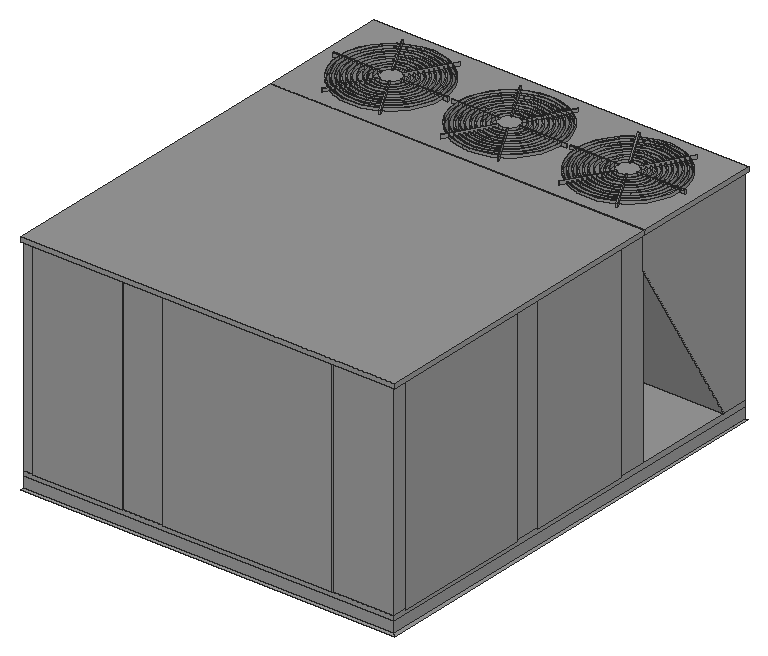
Revit family "RTU-3", category Mechanical Equipment, host Face, Revit 2025
Family settings
  Host = Face
  Round Connector Dimension = Use Diameter
  Classification = None
  Part Type = Normal
  Cut with Voids When Loaded = No
  Maintain Annotation Orientation = Yes
  Shared = No
  Room Calculation Point = No
Parameters (values of type "LCH 156 H4B L 1Y")
  URL = "https://tech.lennoxintl.com/C03e7o14l/VIu12Ch2uV/ehb_lch_cbox_2109.pdf"
  Model = "LCH 156 H4B L 1Y"
  Material = Aluminum 1100-O
  Manufacturer = "LENNOX"
  Grill Material = Steel, Paint Finish, Dark Gray
  Default Elevation = 48"
Reference planes (in)
  plane 1 "Center (Front/Back)": y = 0
  plane 2: z = 0
  plane 3 "Center (Left/Right)": x = 0
  plane 4: z = 53.5625
  plane 5: x = 44.5625
  plane 6: x = -44.5625
  plane 7: y = -52.75
  plane 8: y = 22.0625
  plane 9: z = 45.75
  plane 10: z = 54.625
  plane 11: y = 52.75
  plane 12: y = 46.375
  plane 13: x = -28.53125
  plane 14: y = 37.65625
  plane 15: x = 28.53125
  plane 16: x = 0
  plane 17: x = -12.5
  plane 18: x = 12.5
  plane 19: x = -30.90625
  plane 20: x = -31.90625
  plane 21: x = -32.90625
  plane 22: x = -33.90625
  plane 23: x = -34.90625
  plane 24: x = -35.90625
  plane 25: x = -36.90625
  plane 26: x = -37.90625
  plane 27: x = -38.90625
  plane 28: x = -39.90625
  plane 29: x = -40.90625
  plane 30: x = -42.34375
  plane 31: x = -41.03125
  plane 32: z = 55.25
  plane 33: x = -14.71875
  plane 34: x = -16.03125
  plane 35: through (-28.53125, 37.65625, 55) normal (-0.7071, -0.7071, 0)
  plane 36: through (-28.53125, 37.65625, 55) normal (-0.7071, 0.7071, 0)
  plane 37: through (-28.53125, 37.65625, 55) normal (0.7071, -0.7071, 0)
  plane 38: through (-28.53125, 37.65625, 55) normal (0.7071, 0.7071, 0)
  plane 39: x = -30.90625
  plane 40: x = -31.90625
  plane 41: x = -32.90625
  plane 42: x = -33.90625
  plane 43: x = -34.90625
  plane 44: x = -35.90625
  plane 45: x = -36.90625
  plane 46: x = -37.90625
  plane 47: x = -38.90625
  plane 48: x = -39.90625
  plane 49: x = -40.90625
  plane 50: x = -42.34375
  plane 51: x = -41.03125
  plane 52: x = -14.71875
  plane 53: x = -16.03125
  plane 54: x = -2.375
  plane 55: x = -3.375
  plane 56: x = -4.375
  plane 57: x = -5.375
  plane 58: x = -6.375
  plane 59: x = -7.375
  plane 60: x = -8.375
  plane 61: x = -9.375
  plane 62: x = -10.375
  plane 63: x = -11.375
  plane 64: x = -12.375
  plane 65: x = -13.8125
  plane 66: x = -12.5
  plane 67: x = 13.8125
  plane 68: x = 12.5
  plane 69: x = 26.15625
  plane 70: x = 25.15625
  plane 71: x = 24.15625
  plane 72: x = 23.15625
  plane 73: x = 22.15625
  plane 74: x = 21.15625
  plane 75: x = 20.15625
  plane 76: x = 19.15625
  plane 77: x = 18.15625
  plane 78: x = 17.15625
  plane 79: x = 16.15625
  plane 80: x = 14.71875
  plane 81: x = 16.03125
  plane 82: x = 42.34375
  plane 83: x = 41.03125
  plane 84: through (-34.15405, 50.35923, 110.75) normal (0.5, -0.866, 0)
  plane 85: through (-34.78125, 48.48157, 110.75) normal (-0.5, 0.866, 0)
  plane 86: through (-22.90845, 50.35923, 110.75) normal (0.5, 0.866, 0)
  plane 87: through (-22.28125, 48.48157, 110.75) normal (-0.5, -0.866, 0)
  plane 88: through (-34.15405, 24.95327, 110.75) normal (-0.5, -0.866, 0)
  plane 89: through (-34.78125, 26.83093, 110.75) normal (0.5, 0.866, 0)
  plane 90: through (-22.90845, 24.95327, 110.75) normal (-0.5, 0.866, 0)
  plane 91: through (-22.28125, 26.83093, 110.75) normal (0.5, -0.866, 0)
  plane 92: through (-34.15405, 50.35923, 110.75) normal (0.5, -0.866, 0)
  plane 93: through (-34.78125, 48.48157, 110.75) normal (-0.5, 0.866, 0)
  plane 94: through (-22.90845, 50.35923, 110.75) normal (0.5, 0.866, 0)
  plane 95: through (-22.28125, 48.48157, 110.75) normal (-0.5, -0.866, 0)
  plane 96: through (-34.15405, 24.95327, 110.75) normal (-0.5, -0.866, 0)
  plane 97: through (-34.78125, 26.83093, 110.75) normal (0.5, 0.866, 0)
  plane 98: through (-22.90845, 24.95327, 110.75) normal (-0.5, 0.866, 0)
  plane 99: through (-22.28125, 26.83093, 110.75) normal (0.5, -0.866, 0)
  plane 100: through (-5.6228, 50.35923, 110.75) normal (0.5, -0.866, 0)
  plane 101: through (-6.25, 48.48157, 110.75) normal (-0.5, 0.866, 0)
  plane 102: through (5.6228, 50.35923, 110.75) normal (0.5, 0.866, 0)
  plane 103: through (6.25, 48.48157, 110.75) normal (-0.5, -0.866, 0)
  plane 104: through (-5.6228, 24.95327, 110.75) normal (-0.5, -0.866, 0)
  plane 105: through (-6.25, 26.83093, 110.75) normal (0.5, 0.866, 0)
  plane 106: through (5.6228, 24.95327, 110.75) normal (-0.5, 0.866, 0)
  plane 107: through (6.25, 26.83093, 110.75) normal (0.5, -0.866, 0)
  plane 108: through (22.90845, 50.35923, 110.75) normal (0.5, -0.866, 0)
  plane 109: through (22.28125, 48.48157, 110.75) normal (-0.5, 0.866, 0)
  plane 110: through (34.15405, 50.35923, 110.75) normal (0.5, 0.866, 0)
  plane 111: through (34.78125, 48.48157, 110.75) normal (-0.5, -0.866, 0)
  plane 112: through (22.90845, 24.95327, 110.75) normal (-0.5, -0.866, 0)
  plane 113: through (22.28125, 26.83093, 110.75) normal (0.5, 0.866, 0)
  plane 114: through (34.15405, 24.95327, 110.75) normal (-0.5, 0.866, 0)
  plane 115: through (34.78125, 26.83093, 110.75) normal (0.5, -0.866, 0)
Forms (in)
  Extrusion 1, solid, material "Aluminum 1100-O" <- "Material"
    sketch origin (0, 0, 0) x (1, 0, 0) y (0, 1, 0)
      loop
        line (-44.5625, 22.0625) -> (-44.5625, -52.75) -> (44.5625, -52.75) -> (44.5625, 22.0625) -> (-44.5625, 22.0625)
    from 4.125 to 53.5625
  Extrusion 2, solid, material "Aluminum 1100-O" <- "Material"
    sketch origin (0, 0, -50.125) x (1, 0, 0) y (0, 1, 0)
      loop
        line (-44.5625, 52.75) -> (-44.5625, -52.75) -> (44.5625, -52.75) -> (44.5625, 52.75) -> (-44.5625, 52.75)
    from 53.0625 to 54.25
  Extrusion 3, solid, material "Aluminum 1100-O" <- "Material"
    sketch origin (0, 0, -51.3125) x (1, 0, 0) y (0, 1, 0)
      loop
        line (-44.5625, 52.75) -> (-44.5625, -52.75) -> (44.5625, -52.75) -> (44.5625, 52.75) -> (-44.5625, 52.75)
    from 51.6875 to 54.25
  Blend 4, solid, material "Aluminum 1100-O" <- "Material"
    base sketch origin (0, 0, 0) x (1, 0, 0) y (0, 1, 0)
      loop
        line (-45.0625, 53.25) -> (-45.0625, -53.25) -> (45.0625, -53.25) -> (45.0625, 53.25) -> (-45.0625, 53.25)
    top sketch origin (0, 0, 0) x (1, 0, 0) y (0, 1, 0)
      loop
        line (-44.5625, 52.75) -> (-44.5625, -52.75) -> (44.5625, -52.75) -> (44.5625, 52.75) -> (-44.5625, 52.75)
    from 0 to 0.375
  Extrusion 5, solid, material "Aluminum 1100-O" <- "Material"
    sketch origin (0, 0, 0) x (0, 1, 0) y (0, 0, 1)
      loop
        line (22.0625, 45.75) -> (46.375, 4.125) -> (52.75, 4.125) -> (52.75, 53.5625) -> (22.0625, 53.5625) -> (22.0625, 45.75)
    from -44.5625 to 44.5625
  Extrusion 6, solid, material "Aluminum 1100-O" <- "Material"
    sketch origin (0, 0, 0) x (1, 0, 0) y (0, 1, 0)
      loop
        line (-45.0625, 22.0625) -> (-45.0625, -53.25) -> (45.0625, -53.25) -> (45.0625, 22.0625) -> (-45.0625, 22.0625)
    from 53.5625 to 54.625
  Extrusion 7, solid, material "Aluminum 1100-O" <- "Material"
    sketch origin (0, 75.3125, 0) x (1, 0, 0) y (0, 1, 0)
      loop
        line (-45.0625, -22.0625) -> (-45.0625, -53.25) -> (45.0625, -53.25) -> (45.0625, -22.0625) -> (-45.0625, -22.0625)
    from 53.5625 to 54.625
  Extrusion 8, void
    sketch origin (-8.58719, -1.71744, 0) x (1, 0, 0) y (0, 1, 0)
      loop
        circle (8.58719, 39.37369) r 12.5
      loop
        circle (-19.94406, 39.37369) r 12.5
      loop
        circle (37.11844, 39.37369) r 12.5
    from 45.45857 to 54.625
  Extrusion 9, solid, material "Steel, Paint Finish, Dark Gray" <- "Grill Material"
    sketch origin (0, 0, 54.625) x (1, 0, 0) y (0, 1, 0)
      loop
        circle (-28.53125, 37.65625) r 2.375
      loop
        circle (-28.53125, 37.65625) r 3.375
      loop
        circle (-28.53125, 37.65625) r 3.5
      loop
        circle (-28.53125, 37.65625) r 4.375
      loop
        circle (-28.53125, 37.65625) r 5.25
      loop
        circle (-28.53125, 37.65625) r 4.5
      loop
        circle (-28.53125, 37.65625) r 5.375
      loop
        circle (-28.53125, 37.65625) r 6.375
      loop
        circle (-28.53125, 37.65625) r 7.375
      loop
        circle (-28.53125, 37.65625) r 9.375
      loop
        circle (-28.53125, 37.65625) r 10.375
      loop
        circle (-28.53125, 37.65625) r 11.375
      loop
        circle (-28.53125, 37.65625) r 12.375
      loop
        circle (-28.53125, 37.65625) r 12.5
      loop
        circle (-28.53125, 37.65625) r 7.5
      loop
        circle (-28.53125, 37.65625) r 9.5
      loop
        circle (-28.53125, 37.65625) r 10.5
      loop
        circle (-28.53125, 37.65625) r 11.5
      loop
        circle (-28.53125, 37.65625) r 8.375
      loop
        circle (-28.53125, 37.65625) r 8.5
      loop
        circle (-28.53125, 37.65625) r 6.5
    from 0 to 0.625
  Extrusion 10, solid, material "Steel, Paint Finish, Dark Gray" <- "Grill Material"
    sketch origin (0, 0, 55.75) x (1, 0, 0) y (0, 1, 0)
      loop
        line (-42.34375, 37.78125) -> (-42.34375, 37.53125) -> (-30.90296, 37.53125)
        arc (-30.90296, 37.53125) -> (-30.90543, 37.59373) -> (-30.90625, 37.65625) r 2.375
        arc (-30.90625, 37.65625) -> (-30.90543, 37.71877) -> (-30.90296, 37.78125) r 2.375
        line (-30.90296, 37.78125) -> (-42.34375, 37.78125)
    from -1.125 to -0.3427
  Extrusion 11, solid, material "Steel, Paint Finish, Dark Gray" <- "Grill Material"
    sketch origin (-57.0625, 0, 55.75) x (-1, 0, 0) y (0, -1, 0)
      loop
        line (-42.34375, -37.78125) -> (-30.90296, -37.78125)
        arc (-30.90296, -37.78125) -> (-30.90543, -37.71877) -> (-30.90625, -37.65625) r 2.375
        arc (-30.90625, -37.65625) -> (-30.90543, -37.59373) -> (-30.90296, -37.53125) r 2.375
        line (-30.90296, -37.53125) -> (-42.34375, -37.53125) -> (-42.34375, -37.78125)
    from -1.125 to -0.3427
  Extrusion 12, solid, material "Steel, Paint Finish, Dark Gray" <- "Grill Material", not visible
    sketch origin (0, 0, 54.625) x (1, 0, 0) y (0, 1, 0)
      loop
        circle (-28.53125, 37.65625) r 2.375
      loop
        circle (-28.53125, 37.65625) r 3.375
      loop
        circle (-28.53125, 37.65625) r 3.5
      loop
        circle (-28.53125, 37.65625) r 4.375
      loop
        circle (-28.53125, 37.65625) r 5.25
      loop
        circle (-28.53125, 37.65625) r 4.5
      loop
        circle (-28.53125, 37.65625) r 5.375
      loop
        circle (-28.53125, 37.65625) r 6.375
      loop
        circle (-28.53125, 37.65625) r 7.375
      loop
        circle (-28.53125, 37.65625) r 9.375
      loop
        circle (-28.53125, 37.65625) r 10.375
      loop
        circle (-28.53125, 37.65625) r 11.375
      loop
        circle (-28.53125, 37.65625) r 12.375
      loop
        circle (-28.53125, 37.65625) r 12.5
      loop
        circle (-28.53125, 37.65625) r 7.5
      loop
        circle (-28.53125, 37.65625) r 9.5
      loop
        circle (-28.53125, 37.65625) r 10.5
      loop
        circle (-28.53125, 37.65625) r 11.5
      loop
        circle (-28.53125, 37.65625) r 8.375
      loop
        circle (-28.53125, 37.65625) r 8.5
      loop
        circle (-28.53125, 37.65625) r 6.5
    from 0 to 0.625
  Extrusion 13, solid, material "Steel, Paint Finish, Dark Gray" <- "Grill Material", not visible
    sketch origin (0, 0, 55.75) x (1, 0, 0) y (0, 1, 0)
      loop
        line (-42.34375, 37.78125) -> (-42.34375, 37.53125) -> (-30.90296, 37.53125)
        arc (-30.90296, 37.53125) -> (-30.90543, 37.59373) -> (-30.90625, 37.65625) r 2.375
        arc (-30.90625, 37.65625) -> (-30.90543, 37.71877) -> (-30.90296, 37.78125) r 2.375
        line (-30.90296, 37.78125) -> (-42.34375, 37.78125)
    from -1.125 to -0.3427
  Extrusion 14, solid, material "Steel, Paint Finish, Dark Gray" <- "Grill Material", not visible
    sketch origin (-57.0625, 0, 55.75) x (-1, 0, 0) y (0, -1, 0)
      loop
        line (-42.34375, -37.78125) -> (-30.90296, -37.78125)
        arc (-30.90296, -37.78125) -> (-30.90543, -37.71877) -> (-30.90625, -37.65625) r 2.375
        arc (-30.90625, -37.65625) -> (-30.90543, -37.59373) -> (-30.90296, -37.53125) r 2.375
        line (-30.90296, -37.53125) -> (-42.34375, -37.53125) -> (-42.34375, -37.78125)
    from -1.125 to -0.3427
  Extrusion 15, solid, material "Steel, Paint Finish, Dark Gray" <- "Grill Material"
    sketch origin (28.53125, 0, 54.625) x (1, 0, 0) y (0, 1, 0)
      loop
        circle (-28.53125, 37.65625) r 2.375
      loop
        circle (-28.53125, 37.65625) r 3.375
      loop
        circle (-28.53125, 37.65625) r 3.5
      loop
        circle (-28.53125, 37.65625) r 4.375
      loop
        circle (-28.53125, 37.65625) r 5.25
      loop
        circle (-28.53125, 37.65625) r 4.5
      loop
        circle (-28.53125, 37.65625) r 5.375
      loop
        circle (-28.53125, 37.65625) r 6.375
      loop
        circle (-28.53125, 37.65625) r 7.375
      loop
        circle (-28.53125, 37.65625) r 9.375
      loop
        circle (-28.53125, 37.65625) r 10.375
      loop
        circle (-28.53125, 37.65625) r 11.375
      loop
        circle (-28.53125, 37.65625) r 12.375
      loop
        circle (-28.53125, 37.65625) r 12.5
      loop
        circle (-28.53125, 37.65625) r 7.5
      loop
        circle (-28.53125, 37.65625) r 9.5
      loop
        circle (-28.53125, 37.65625) r 10.5
      loop
        circle (-28.53125, 37.65625) r 11.5
      loop
        circle (-28.53125, 37.65625) r 8.375
      loop
        circle (-28.53125, 37.65625) r 8.5
      loop
        circle (-28.53125, 37.65625) r 6.5
    from 0 to 0.625
  Extrusion 16, solid, material "Steel, Paint Finish, Dark Gray" <- "Grill Material"
    sketch origin (28.53125, 0, 55.75) x (1, 0, 0) y (0, 1, 0)
      loop
        line (-42.34375, 37.78125) -> (-42.34375, 37.53125) -> (-30.90296, 37.53125)
        arc (-30.90296, 37.53125) -> (-30.90543, 37.59373) -> (-30.90625, 37.65625) r 2.375
        arc (-30.90625, 37.65625) -> (-30.90543, 37.71877) -> (-30.90296, 37.78125) r 2.375
        line (-30.90296, 37.78125) -> (-42.34375, 37.78125)
    from -1.125 to -0.3427
  Extrusion 17, solid, material "Steel, Paint Finish, Dark Gray" <- "Grill Material"
    sketch origin (-28.53125, 0, 55.75) x (-1, 0, 0) y (0, -1, 0)
      loop
        line (-42.34375, -37.78125) -> (-30.90296, -37.78125)
        arc (-30.90296, -37.78125) -> (-30.90543, -37.71877) -> (-30.90625, -37.65625) r 2.375
        arc (-30.90625, -37.65625) -> (-30.90543, -37.59373) -> (-30.90296, -37.53125) r 2.375
        line (-30.90296, -37.53125) -> (-42.34375, -37.53125) -> (-42.34375, -37.78125)
    from -1.125 to -0.3427
  Extrusion 18, solid, material "Steel, Paint Finish, Dark Gray" <- "Grill Material"
    sketch origin (57.0625, 0, 54.625) x (1, 0, 0) y (0, 1, 0)
      loop
        circle (-28.53125, 37.65625) r 2.375
      loop
        circle (-28.53125, 37.65625) r 3.375
      loop
        circle (-28.53125, 37.65625) r 3.5
      loop
        circle (-28.53125, 37.65625) r 4.375
      loop
        circle (-28.53125, 37.65625) r 5.25
      loop
        circle (-28.53125, 37.65625) r 4.5
      loop
        circle (-28.53125, 37.65625) r 5.375
      loop
        circle (-28.53125, 37.65625) r 6.375
      loop
        circle (-28.53125, 37.65625) r 7.375
      loop
        circle (-28.53125, 37.65625) r 9.375
      loop
        circle (-28.53125, 37.65625) r 10.375
      loop
        circle (-28.53125, 37.65625) r 11.375
      loop
        circle (-28.53125, 37.65625) r 12.375
      loop
        circle (-28.53125, 37.65625) r 12.5
      loop
        circle (-28.53125, 37.65625) r 7.5
      loop
        circle (-28.53125, 37.65625) r 9.5
      loop
        circle (-28.53125, 37.65625) r 10.5
      loop
        circle (-28.53125, 37.65625) r 11.5
      loop
        circle (-28.53125, 37.65625) r 8.375
      loop
        circle (-28.53125, 37.65625) r 8.5
      loop
        circle (-28.53125, 37.65625) r 6.5
    from 0 to 0.625
  Extrusion 19, solid, material "Steel, Paint Finish, Dark Gray" <- "Grill Material"
    sketch origin (57.0625, 0, 55.75) x (1, 0, 0) y (0, 1, 0)
      loop
        line (-42.34375, 37.78125) -> (-42.34375, 37.53125) -> (-30.90296, 37.53125)
        arc (-30.90296, 37.53125) -> (-30.90543, 37.59373) -> (-30.90625, 37.65625) r 2.375
        arc (-30.90625, 37.65625) -> (-30.90543, 37.71877) -> (-30.90296, 37.78125) r 2.375
        line (-30.90296, 37.78125) -> (-42.34375, 37.78125)
    from -1.125 to -0.3427
  Extrusion 20, solid, material "Steel, Paint Finish, Dark Gray" <- "Grill Material"
    sketch origin (0, 0, 55.75) x (-1, 0, 0) y (0, -1, 0)
      loop
        line (-42.34375, -37.78125) -> (-30.90296, -37.78125)
        arc (-30.90296, -37.78125) -> (-30.90543, -37.71877) -> (-30.90625, -37.65625) r 2.375
        arc (-30.90625, -37.65625) -> (-30.90543, -37.59373) -> (-30.90296, -37.53125) r 2.375
        line (-30.90296, -37.53125) -> (-42.34375, -37.53125) -> (-42.34375, -37.78125)
    from -1.125 to -0.3427
  Extrusion 21, void
    sketch origin (0, 0, 0) x (1, 0, 0) y (0, 1, 0)
      loop
        line (-40.8125, 19.625) -> (-40.8125, -40.875) -> (-19.44507, -40.875) -> (-19.44507, 19.625) -> (-40.8125, 19.625)
      loop
        line (-1.44507, -12.875) -> (-1.44507, -40.875) -> (18.55493, -40.875) -> (18.55493, -12.875) -> (-1.44507, -12.875)
      loop
        line (-1.44507, 19.625) -> (-1.44507, -8.375) -> (18.55493, -8.375) -> (18.55493, 19.625) -> (-1.44507, 19.625)
      loop
        line (33.0625, -44.25) -> (33.0625, -49.25) -> (41.0625, -49.25) -> (41.0625, -44.25) -> (33.0625, -44.25)
    from 0 to 12
  Extrusion 22, solid, material "Steel, Paint Finish, Dark Gray" <- "Grill Material"
    sketch origin (-46.87689, -5.88066, 55.75) x (0.5, -0.866025, 0) y (0.866025, 0.5, 0)
      loop
        line (-42.34375, 37.78125) -> (-42.34375, 37.53125) -> (-30.90296, 37.53125)
        arc (-30.90296, 37.53125) -> (-30.90543, 37.59373) -> (-30.90625, 37.65625) r 2.375
        arc (-30.90625, 37.65625) -> (-30.90543, 37.71877) -> (-30.90296, 37.78125) r 2.375
        line (-30.90296, 37.78125) -> (-42.34375, 37.78125)
    from -1.125 to -0.3427
  Extrusion 23, solid, material "Steel, Paint Finish, Dark Gray" <- "Grill Material"
    sketch origin (-10.18561, -5.88066, 55.75) x (-0.5, -0.866025, 0) y (0.866025, -0.5, 0)
      loop
        line (-42.34375, -37.78125) -> (-30.90296, -37.78125)
        arc (-30.90296, -37.78125) -> (-30.90543, -37.71877) -> (-30.90625, -37.65625) r 2.375
        arc (-30.90625, -37.65625) -> (-30.90543, -37.59373) -> (-30.90296, -37.53125) r 2.375
        line (-30.90296, -37.53125) -> (-42.34375, -37.53125) -> (-42.34375, -37.78125)
    from -1.125 to -0.3427
  Extrusion 24, solid, material "Steel, Paint Finish, Dark Gray" <- "Grill Material"
    sketch origin (-46.87689, 81.19316, 55.75) x (0.5, 0.866025, 0) y (-0.866025, 0.5, 0)
      loop
        line (-42.34375, -37.78125) -> (-30.90296, -37.78125)
        arc (-30.90296, -37.78125) -> (-30.90543, -37.71877) -> (-30.90625, -37.65625) r 2.375
        arc (-30.90625, -37.65625) -> (-30.90543, -37.59373) -> (-30.90296, -37.53125) r 2.375
        line (-30.90296, -37.53125) -> (-42.34375, -37.53125) -> (-42.34375, -37.78125)
    from -1.125 to -0.3427
  Extrusion 25, solid, material "Steel, Paint Finish, Dark Gray" <- "Grill Material"
    sketch origin (-10.18561, 81.19316, 55.75) x (-0.5, 0.866025, 0) y (-0.866025, -0.5, 0)
      loop
        line (-42.34375, 37.78125) -> (-42.34375, 37.53125) -> (-30.90296, 37.53125)
        arc (-30.90296, 37.53125) -> (-30.90543, 37.59373) -> (-30.90625, 37.65625) r 2.375
        arc (-30.90625, 37.65625) -> (-30.90543, 37.71877) -> (-30.90296, 37.78125) r 2.375
        line (-30.90296, 37.78125) -> (-42.34375, 37.78125)
    from -1.125 to -0.3427
  Extrusion 26, solid, material "Steel, Paint Finish, Dark Gray" <- "Grill Material", not visible
    sketch origin (-46.87689, -5.88066, 55.75) x (0.5, -0.866025, 0) y (0.866025, 0.5, 0)
      loop
        line (-42.34375, 37.78125) -> (-42.34375, 37.53125) -> (-30.90296, 37.53125)
        arc (-30.90296, 37.53125) -> (-30.90543, 37.59373) -> (-30.90625, 37.65625) r 2.375
        arc (-30.90625, 37.65625) -> (-30.90543, 37.71877) -> (-30.90296, 37.78125) r 2.375
        line (-30.90296, 37.78125) -> (-42.34375, 37.78125)
    from -1.125 to -0.3427
  Extrusion 27, solid, material "Steel, Paint Finish, Dark Gray" <- "Grill Material", not visible
    sketch origin (-10.18561, -5.88066, 55.75) x (-0.5, -0.866025, 0) y (0.866025, -0.5, 0)
      loop
        line (-42.34375, -37.78125) -> (-30.90296, -37.78125)
        arc (-30.90296, -37.78125) -> (-30.90543, -37.71877) -> (-30.90625, -37.65625) r 2.375
        arc (-30.90625, -37.65625) -> (-30.90543, -37.59373) -> (-30.90296, -37.53125) r 2.375
        line (-30.90296, -37.53125) -> (-42.34375, -37.53125) -> (-42.34375, -37.78125)
    from -1.125 to -0.3427
  Extrusion 28, solid, material "Steel, Paint Finish, Dark Gray" <- "Grill Material", not visible
    sketch origin (-46.87689, 81.19316, 55.75) x (0.5, 0.866025, 0) y (-0.866025, 0.5, 0)
      loop
        line (-42.34375, -37.78125) -> (-30.90296, -37.78125)
        arc (-30.90296, -37.78125) -> (-30.90543, -37.71877) -> (-30.90625, -37.65625) r 2.375
        arc (-30.90625, -37.65625) -> (-30.90543, -37.59373) -> (-30.90296, -37.53125) r 2.375
        line (-30.90296, -37.53125) -> (-42.34375, -37.53125) -> (-42.34375, -37.78125)
    from -1.125 to -0.3427
  Extrusion 29, solid, material "Steel, Paint Finish, Dark Gray" <- "Grill Material", not visible
    sketch origin (-10.18561, 81.19316, 55.75) x (-0.5, 0.866025, 0) y (-0.866025, -0.5, 0)
      loop
        line (-42.34375, 37.78125) -> (-42.34375, 37.53125) -> (-30.90296, 37.53125)
        arc (-30.90296, 37.53125) -> (-30.90543, 37.59373) -> (-30.90625, 37.65625) r 2.375
        arc (-30.90625, 37.65625) -> (-30.90543, 37.71877) -> (-30.90296, 37.78125) r 2.375
        line (-30.90296, 37.78125) -> (-42.34375, 37.78125)
    from -1.125 to -0.3427
  Extrusion 30, solid, material "Steel, Paint Finish, Dark Gray" <- "Grill Material"
    sketch origin (-18.34564, -5.88066, 55.75) x (0.5, -0.866025, 0) y (0.866025, 0.5, 0)
      loop
        line (-42.34375, 37.78125) -> (-42.34375, 37.53125) -> (-30.90296, 37.53125)
        arc (-30.90296, 37.53125) -> (-30.90543, 37.59373) -> (-30.90625, 37.65625) r 2.375
        arc (-30.90625, 37.65625) -> (-30.90543, 37.71877) -> (-30.90296, 37.78125) r 2.375
        line (-30.90296, 37.78125) -> (-42.34375, 37.78125)
    from -1.125 to -0.3427
  Extrusion 31, solid, material "Steel, Paint Finish, Dark Gray" <- "Grill Material"
    sketch origin (18.34564, -5.88066, 55.75) x (-0.5, -0.866025, 0) y (0.866025, -0.5, 0)
      loop
        line (-42.34375, -37.78125) -> (-30.90296, -37.78125)
        arc (-30.90296, -37.78125) -> (-30.90543, -37.71877) -> (-30.90625, -37.65625) r 2.375
        arc (-30.90625, -37.65625) -> (-30.90543, -37.59373) -> (-30.90296, -37.53125) r 2.375
        line (-30.90296, -37.53125) -> (-42.34375, -37.53125) -> (-42.34375, -37.78125)
    from -1.125 to -0.3427
  Extrusion 32, solid, material "Steel, Paint Finish, Dark Gray" <- "Grill Material"
    sketch origin (-18.34564, 81.19316, 55.75) x (0.5, 0.866025, 0) y (-0.866025, 0.5, 0)
      loop
        line (-42.34375, -37.78125) -> (-30.90296, -37.78125)
        arc (-30.90296, -37.78125) -> (-30.90543, -37.71877) -> (-30.90625, -37.65625) r 2.375
        arc (-30.90625, -37.65625) -> (-30.90543, -37.59373) -> (-30.90296, -37.53125) r 2.375
        line (-30.90296, -37.53125) -> (-42.34375, -37.53125) -> (-42.34375, -37.78125)
    from -1.125 to -0.3427
  Extrusion 33, solid, material "Steel, Paint Finish, Dark Gray" <- "Grill Material"
    sketch origin (18.34564, 81.19316, 55.75) x (-0.5, 0.866025, 0) y (-0.866025, -0.5, 0)
      loop
        line (-42.34375, 37.78125) -> (-42.34375, 37.53125) -> (-30.90296, 37.53125)
        arc (-30.90296, 37.53125) -> (-30.90543, 37.59373) -> (-30.90625, 37.65625) r 2.375
        arc (-30.90625, 37.65625) -> (-30.90543, 37.71877) -> (-30.90296, 37.78125) r 2.375
        line (-30.90296, 37.78125) -> (-42.34375, 37.78125)
    from -1.125 to -0.3427
  Extrusion 34, solid, material "Steel, Paint Finish, Dark Gray" <- "Grill Material"
    sketch origin (10.18561, -5.88066, 55.75) x (0.5, -0.866025, 0) y (0.866025, 0.5, 0)
      loop
        line (-42.34375, 37.78125) -> (-42.34375, 37.53125) -> (-30.90296, 37.53125)
        arc (-30.90296, 37.53125) -> (-30.90543, 37.59373) -> (-30.90625, 37.65625) r 2.375
        arc (-30.90625, 37.65625) -> (-30.90543, 37.71877) -> (-30.90296, 37.78125) r 2.375
        line (-30.90296, 37.78125) -> (-42.34375, 37.78125)
    from -1.125 to -0.3427
  Extrusion 35, solid, material "Steel, Paint Finish, Dark Gray" <- "Grill Material"
    sketch origin (46.87689, -5.88066, 55.75) x (-0.5, -0.866025, 0) y (0.866025, -0.5, 0)
      loop
        line (-42.34375, -37.78125) -> (-30.90296, -37.78125)
        arc (-30.90296, -37.78125) -> (-30.90543, -37.71877) -> (-30.90625, -37.65625) r 2.375
        arc (-30.90625, -37.65625) -> (-30.90543, -37.59373) -> (-30.90296, -37.53125) r 2.375
        line (-30.90296, -37.53125) -> (-42.34375, -37.53125) -> (-42.34375, -37.78125)
    from -1.125 to -0.3427
  Extrusion 36, solid, material "Steel, Paint Finish, Dark Gray" <- "Grill Material"
    sketch origin (10.18561, 81.19316, 55.75) x (0.5, 0.866025, 0) y (-0.866025, 0.5, 0)
      loop
        line (-42.34375, -37.78125) -> (-30.90296, -37.78125)
        arc (-30.90296, -37.78125) -> (-30.90543, -37.71877) -> (-30.90625, -37.65625) r 2.375
        arc (-30.90625, -37.65625) -> (-30.90543, -37.59373) -> (-30.90296, -37.53125) r 2.375
        line (-30.90296, -37.53125) -> (-42.34375, -37.53125) -> (-42.34375, -37.78125)
    from -1.125 to -0.3427
  Extrusion 37, solid, material "Steel, Paint Finish, Dark Gray" <- "Grill Material"
    sketch origin (46.87689, 81.19316, 55.75) x (-0.5, 0.866025, 0) y (-0.866025, -0.5, 0)
      loop
        line (-42.34375, 37.78125) -> (-42.34375, 37.53125) -> (-30.90296, 37.53125)
        arc (-30.90296, 37.53125) -> (-30.90543, 37.59373) -> (-30.90625, 37.65625) r 2.375
        arc (-30.90625, 37.65625) -> (-30.90543, 37.71877) -> (-30.90296, 37.78125) r 2.375
        line (-30.90296, 37.78125) -> (-42.34375, 37.78125)
    from -1.125 to -0.3427
Cuts and joins
  Extrusion 8, Extrusion 21 cuts Extrusion 2
  Extrusion 8, Extrusion 21 cuts Extrusion 3
  Extrusion 8, Extrusion 21 cuts Blend 4
  Extrusion 8 cuts Extrusion 5
  Extrusion 8 cuts Extrusion 7
  Extrusion 21 cuts Extrusion 1
Dimensions and locks (in)
  equal spacing: Extrusion 1 sketch curve, plane 3 "Center (Left/Right)", Extrusion 1 sketch curve
  plane 3 "Center (Left/Right)" to Extrusion 1 sketch curve = 44 9/16"
  Extrusion 1 sketch curve to Extrusion 1 sketch curve = 89 1/8"
  plane 1 "Center (Front/Back)" to Extrusion 1 sketch curve = 52 3/4"
  Extrusion 1 sketch curve to Extrusion 1 sketch curve = 74 13/16"
  plane 4 to plane 2 = 53 9/16"  (x2)
  Extrusion 1 to nested 1 = 3 1/8"  (x2)
  plane 4 to nested 1 = 0"
  nested 1 to nested 2 = 6 3/8"
  plane 2 to plane 4 = 53 9/16"
  Extrusion 2 sketch curve to Extrusion 2 sketch curve = 89 1/8"  (x2)
  Extrusion 2 sketch curve to Extrusion 2 sketch curve = 105 1/2"  (x2)
  Extrusion 3 sketch curve to Extrusion 3 sketch curve = 89 1/8"  (x2)
  Extrusion 3 sketch curve to Extrusion 3 sketch curve = 105 1/2"  (x2)
  plane 6 to Extrusion 1 = 0"
  nested 1 to nested 1 = 33 1/2"
  equal spacing: cut or joined group of Extrusion 7, Extrusion 8, plane 14, cut or joined group of Extrusion 7, Extrusion 8
  equal spacing: plane 6, plane 13, plane 17
  equal spacing: plane 18, plane 15, plane 5
  Extrusion 6 to Extrusion 21 sketch curve = 4 1/4"
  Extrusion 21 sketch curve to Extrusion 6 = 12 3/8"
  Extrusion 21 sketch curve to Extrusion 21 sketch curve = 60 1/2"
  aligned and locked: host face to plane 2
  aligned and locked: host face to level
  aligned and locked: plane 4 to Extrusion 1
  aligned and locked: plane 4 to Extrusion 5
  aligned and locked: Extrusion 6 to plane 4
  aligned and locked: plane 10 to Extrusion 6
Automatic sketch dimensions
  Extrusion 9 sketch curve to Extrusion 9 sketch curve = 0"  (x460)
  Extrusion 10 sketch curve to Extrusion 10 sketch curve = 0"  (x4)
  Extrusion 10 sketch curve to plane 30 = 0"
  Extrusion 11 sketch curve to Extrusion 11 sketch curve = 0"  (x4)
  Extrusion 11 sketch curve to plane 33 = 0"
  Extrusion 9 sketch curve to plane 19 = 2 3/8"
  Extrusion 10 sketch curve to plane 31 = 10.12829"
  Extrusion 10 sketch curve to Extrusion 10 sketch curve = 2.37171"
  Extrusion 10 sketch curve to Extrusion 10 sketch curve = 1/8"
  Extrusion 11 sketch curve to plane 34 = 10.12829"
  Extrusion 11 sketch curve to Extrusion 11 sketch curve = 2.37171"
  Extrusion 11 sketch curve to Extrusion 11 sketch curve = 1/8"
  Extrusion 12 sketch curve to Extrusion 12 sketch curve = 0"  (x460)
  Extrusion 13 sketch curve to Extrusion 13 sketch curve = 0"  (x4)
  Extrusion 13 sketch curve to plane 50 = 0"
  Extrusion 14 sketch curve to Extrusion 14 sketch curve = 0"  (x4)
  Extrusion 14 sketch curve to plane 52 = 0"
  Extrusion 12 sketch curve to plane 39 = 2 3/8"
  Extrusion 13 sketch curve to plane 51 = 10.12829"
  Extrusion 13 sketch curve to Extrusion 13 sketch curve = 2.37171"
  Extrusion 13 sketch curve to Extrusion 13 sketch curve = 1/8"
  Extrusion 14 sketch curve to plane 53 = 10.12829"
  Extrusion 14 sketch curve to Extrusion 14 sketch curve = 2.37171"
  Extrusion 14 sketch curve to Extrusion 14 sketch curve = 1/8"
  Extrusion 15 sketch curve to Extrusion 15 sketch curve = 0"  (x460)
  Extrusion 16 sketch curve to Extrusion 16 sketch curve = 0"  (x4)
  Extrusion 16 sketch curve to plane 65 = 0"
  Extrusion 17 sketch curve to Extrusion 17 sketch curve = 0"  (x4)
  Extrusion 17 sketch curve to plane 67 = 0"
  Extrusion 15 sketch curve to plane 54 = 2 3/8"
  Extrusion 16 sketch curve to plane 66 = 10.12829"
  Extrusion 16 sketch curve to Extrusion 16 sketch curve = 2.37171"
  Extrusion 16 sketch curve to Extrusion 16 sketch curve = 1/8"
  Extrusion 17 sketch curve to plane 68 = 10.12829"
  Extrusion 17 sketch curve to Extrusion 17 sketch curve = 2.37171"
  Extrusion 17 sketch curve to Extrusion 17 sketch curve = 1/8"
  host sketch curve to host sketch curve = 306.31449"
  host sketch curve to host sketch curve = 326.2252"
  Extrusion 2 sketch curve to plane 6 = 0"
  plane 7 to Extrusion 2 sketch curve = 0"
  Extrusion 3 sketch curve to plane 6 = 0"
  plane 7 to Extrusion 3 sketch curve = 0"
  Extrusion 18 sketch curve to Extrusion 18 sketch curve = 0"  (x460)
  Extrusion 19 sketch curve to Extrusion 19 sketch curve = 0"  (x4)
  Extrusion 19 sketch curve to plane 80 = 0"
  Extrusion 20 sketch curve to Extrusion 20 sketch curve = 0"  (x4)
  Extrusion 20 sketch curve to plane 82 = 0"
  Extrusion 18 sketch curve to plane 69 = 2 3/8"
  Extrusion 19 sketch curve to plane 81 = 10.12829"
  Extrusion 19 sketch curve to Extrusion 19 sketch curve = 2.37171"
  Extrusion 19 sketch curve to Extrusion 19 sketch curve = 1/8"
  Extrusion 20 sketch curve to plane 83 = 10.12829"
  Extrusion 20 sketch curve to Extrusion 20 sketch curve = 2.37171"
  Extrusion 20 sketch curve to Extrusion 20 sketch curve = 1/8"
  Extrusion 22 sketch curve to Extrusion 22 sketch curve = 0"  (x6)
  plane 84 to Extrusion 22 sketch curve = 0"  (x2)
  Extrusion 22 sketch curve to plane 85 = 10.12829"  (x2)
  Extrusion 22 sketch curve to Extrusion 22 sketch curve = 2.37171"  (x2)
  Extrusion 22 sketch curve to Extrusion 22 sketch curve = 1/8"  (x2)
  Extrusion 23 sketch curve to Extrusion 23 sketch curve = 0"  (x6)
  plane 86 to Extrusion 23 sketch curve = 0"  (x2)
  Extrusion 23 sketch curve to plane 87 = 10.12829"  (x2)
  Extrusion 23 sketch curve to Extrusion 23 sketch curve = 2.37171"  (x2)
  Extrusion 23 sketch curve to Extrusion 23 sketch curve = 1/8"  (x2)
  Blend 4 sketch curve to plane 6 = 1/2"
  plane 5 to Blend 4 sketch curve = 1/2"
  plane 7 to Blend 4 sketch curve = 1/2"
  plane 11 to Blend 4 sketch curve = 1/2"
  Blend 4 sketch curve to plane 6 = 0"
  Blend 4 sketch curve to plane 5 = 0"
  plane 7 to Blend 4 sketch curve = 0"
  Blend 4 sketch curve to plane 11 = 0"
  Extrusion 5 sketch curve to plane 8 = 0"
  Extrusion 5 sketch curve to plane 12 = 0"
  Extrusion 5 sketch curve to plane 4 = 0"
  Extrusion 5 sketch curve to plane 11 = 0"
  Extrusion 5 sketch curve to plane 9 = 0"
  level to Extrusion 5 sketch curve = 4 1/8"
  Extrusion 6 sketch curve to plane 8 = 0"
  Extrusion 6 sketch curve to plane 6 = 1/2"
  plane 5 to Extrusion 6 sketch curve = 1/2"
  plane 7 to Extrusion 6 sketch curve = 1/2"
  Extrusion 7 sketch curve to plane 8 = 0"
  Extrusion 7 sketch curve to plane 6 = 1/2"
  plane 5 to Extrusion 7 sketch curve = 1/2"
  plane 11 to Extrusion 7 sketch curve = 1/2"
  Extrusion 8 sketch curve to plane 13 = 0"
  Extrusion 8 sketch curve to plane 3 "Center (Left/Right)" = 0"
  plane 14 to Extrusion 8 sketch curve = 0"
  Extrusion 8 sketch curve to plane 15 = 0"
  Extrusion 8 sketch curve to plane 14 = 0"  (x2)
  plane 17 to Extrusion 21 sketch curve = 6.94507"
  Extrusion 21 sketch curve to plane 3 "Center (Left/Right)" = 1.44507"  (x2)
  Extrusion 21 sketch curve to plane 8 = 2 7/16"
  Extrusion 21 sketch curve to plane 18 = 6.05493"
  Extrusion 21 sketch curve to Extrusion 21 sketch curve = 0"
  plane 15 to Extrusion 21 sketch curve = 4 17/32"
  Extrusion 21 sketch curve to plane 5 = 3 1/2"
  Extrusion 21 sketch curve to plane 7 = 11 7/8"
  Extrusion 21 sketch curve to plane 7 = 8 1/2"
  Extrusion 21 sketch curve to plane 7 = 3 1/2"
  plane 1 "Center (Front/Back)" to Extrusion 21 sketch curve = 12 7/8"
  Extrusion 21 sketch curve to Extrusion 21 sketch curve = 4 1/2"
  Extrusion 24 sketch curve to Extrusion 24 sketch curve = 0"  (x6)
  Extrusion 24 sketch curve to plane 88 = 0"  (x2)
  Extrusion 24 sketch curve to plane 89 = 10.12829"  (x2)
  Extrusion 24 sketch curve to Extrusion 24 sketch curve = 2.37171"  (x2)
  Extrusion 24 sketch curve to Extrusion 24 sketch curve = 1/8"  (x2)
  Extrusion 25 sketch curve to Extrusion 25 sketch curve = 0"  (x6)
  Extrusion 25 sketch curve to plane 90 = 0"  (x2)
  Extrusion 25 sketch curve to plane 91 = 10.12829"  (x2)
  Extrusion 25 sketch curve to Extrusion 25 sketch curve = 2.37171"  (x2)
  Extrusion 25 sketch curve to Extrusion 25 sketch curve = 1/8"  (x2)
  Extrusion 30 sketch curve to Extrusion 30 sketch curve = 0"  (x6)
  plane 100 to Extrusion 30 sketch curve = 0"  (x2)
  Extrusion 30 sketch curve to plane 101 = 10.12829"  (x2)
  Extrusion 30 sketch curve to Extrusion 30 sketch curve = 2.37171"  (x2)
  Extrusion 30 sketch curve to Extrusion 30 sketch curve = 1/8"  (x2)
  Extrusion 31 sketch curve to Extrusion 31 sketch curve = 0"  (x6)
  plane 102 to Extrusion 31 sketch curve = 0"  (x2)
  Extrusion 31 sketch curve to plane 103 = 10.12829"  (x2)
  Extrusion 31 sketch curve to Extrusion 31 sketch curve = 2.37171"  (x2)
  Extrusion 31 sketch curve to Extrusion 31 sketch curve = 1/8"  (x2)
  Extrusion 32 sketch curve to Extrusion 32 sketch curve = 0"  (x6)
  Extrusion 32 sketch curve to plane 104 = 0"  (x2)
  Extrusion 32 sketch curve to plane 105 = 10.12829"  (x2)
  Extrusion 32 sketch curve to Extrusion 32 sketch curve = 2.37171"  (x2)
  Extrusion 32 sketch curve to Extrusion 32 sketch curve = 1/8"  (x2)
  Extrusion 33 sketch curve to Extrusion 33 sketch curve = 0"  (x6)
  Extrusion 33 sketch curve to plane 106 = 0"  (x2)
  Extrusion 33 sketch curve to plane 107 = 10.12829"  (x2)
  Extrusion 33 sketch curve to Extrusion 33 sketch curve = 2.37171"  (x2)
  Extrusion 33 sketch curve to Extrusion 33 sketch curve = 1/8"  (x2)
  Extrusion 34 sketch curve to Extrusion 34 sketch curve = 0"  (x3)
  plane 108 to Extrusion 34 sketch curve = 0"
  Extrusion 34 sketch curve to plane 109 = 10.12829"
  Extrusion 34 sketch curve to Extrusion 34 sketch curve = 2.37171"
  Extrusion 34 sketch curve to Extrusion 34 sketch curve = 1/8"
  Extrusion 35 sketch curve to Extrusion 35 sketch curve = 0"  (x3)
  plane 110 to Extrusion 35 sketch curve = 0"
  Extrusion 35 sketch curve to plane 111 = 10.12829"
  Extrusion 35 sketch curve to Extrusion 35 sketch curve = 2.37171"
  Extrusion 35 sketch curve to Extrusion 35 sketch curve = 1/8"
  Extrusion 36 sketch curve to Extrusion 36 sketch curve = 0"  (x3)
  Extrusion 36 sketch curve to plane 112 = 0"
  Extrusion 36 sketch curve to plane 113 = 10.12829"
  Extrusion 36 sketch curve to Extrusion 36 sketch curve = 2.37171"
  Extrusion 36 sketch curve to Extrusion 36 sketch curve = 1/8"
  Extrusion 37 sketch curve to Extrusion 37 sketch curve = 0"  (x3)
  Extrusion 37 sketch curve to plane 114 = 0"
  Extrusion 37 sketch curve to plane 115 = 10.12829"
  Extrusion 37 sketch curve to Extrusion 37 sketch curve = 2.37171"
  Extrusion 37 sketch curve to Extrusion 37 sketch curve = 1/8"
  Extrusion 26 sketch curve to Extrusion 26 sketch curve = 0"  (x3)
  plane 92 to Extrusion 26 sketch curve = 0"
  Extrusion 26 sketch curve to plane 93 = 10.12829"
  Extrusion 26 sketch curve to Extrusion 26 sketch curve = 2.37171"
  Extrusion 26 sketch curve to Extrusion 26 sketch curve = 1/8"
  Extrusion 27 sketch curve to Extrusion 27 sketch curve = 0"  (x3)
  plane 94 to Extrusion 27 sketch curve = 0"
  Extrusion 27 sketch curve to plane 95 = 10.12829"
  Extrusion 27 sketch curve to Extrusion 27 sketch curve = 2.37171"
  Extrusion 27 sketch curve to Extrusion 27 sketch curve = 1/8"
  Extrusion 28 sketch curve to Extrusion 28 sketch curve = 0"  (x3)
  Extrusion 28 sketch curve to plane 96 = 0"
  Extrusion 28 sketch curve to plane 97 = 10.12829"
  Extrusion 28 sketch curve to Extrusion 28 sketch curve = 2.37171"
  Extrusion 28 sketch curve to Extrusion 28 sketch curve = 1/8"
  Extrusion 29 sketch curve to Extrusion 29 sketch curve = 0"  (x3)
  Extrusion 29 sketch curve to plane 98 = 0"
  Extrusion 29 sketch curve to plane 99 = 10.12829"
  Extrusion 29 sketch curve to Extrusion 29 sketch curve = 2.37171"
  Extrusion 29 sketch curve to Extrusion 29 sketch curve = 1/8"
  radius of Extrusion 9 sketch curve = 2 3/8"
  radius of Extrusion 9 sketch curve = 3 3/8"
  radius of Extrusion 9 sketch curve = 3 1/2"
  radius of Extrusion 9 sketch curve = 4 3/8"
  radius of Extrusion 9 sketch curve = 5 1/4"
  radius of Extrusion 9 sketch curve = 4 1/2"
  radius of Extrusion 9 sketch curve = 5 3/8"
  radius of Extrusion 9 sketch curve = 6 3/8"
  radius of Extrusion 9 sketch curve = 7 3/8"
  radius of Extrusion 9 sketch curve = 9 3/8"
  radius of Extrusion 9 sketch curve = 10 3/8"
  radius of Extrusion 9 sketch curve = 11 3/8"
  radius of Extrusion 9 sketch curve = 12 3/8"
  radius of Extrusion 9 sketch curve = 12 1/2"
  radius of Extrusion 9 sketch curve = 7 1/2"
  radius of Extrusion 9 sketch curve = 9 1/2"
  radius of Extrusion 9 sketch curve = 10 1/2"
  radius of Extrusion 9 sketch curve = 11 1/2"
  radius of Extrusion 9 sketch curve = 8 3/8"
  radius of Extrusion 9 sketch curve = 8 1/2"
  radius of Extrusion 9 sketch curve = 6 1/2"
  radius of Extrusion 12 sketch curve = 2 3/8"
  radius of Extrusion 12 sketch curve = 3 3/8"
  radius of Extrusion 12 sketch curve = 3 1/2"
  radius of Extrusion 12 sketch curve = 4 3/8"
  radius of Extrusion 12 sketch curve = 5 1/4"
  radius of Extrusion 12 sketch curve = 4 1/2"
  radius of Extrusion 12 sketch curve = 5 3/8"
  radius of Extrusion 12 sketch curve = 6 3/8"
  radius of Extrusion 12 sketch curve = 7 3/8"
  radius of Extrusion 12 sketch curve = 9 3/8"
  radius of Extrusion 12 sketch curve = 10 3/8"
  radius of Extrusion 12 sketch curve = 11 3/8"
  radius of Extrusion 12 sketch curve = 12 3/8"
  radius of Extrusion 12 sketch curve = 12 1/2"
  radius of Extrusion 12 sketch curve = 7 1/2"
  radius of Extrusion 12 sketch curve = 9 1/2"
  radius of Extrusion 12 sketch curve = 10 1/2"
  radius of Extrusion 12 sketch curve = 11 1/2"
  radius of Extrusion 12 sketch curve = 8 3/8"
  radius of Extrusion 12 sketch curve = 8 1/2"
  radius of Extrusion 12 sketch curve = 6 1/2"
  radius of Extrusion 15 sketch curve = 2 3/8"
  radius of Extrusion 15 sketch curve = 3 3/8"
  radius of Extrusion 15 sketch curve = 3 1/2"
  radius of Extrusion 15 sketch curve = 4 3/8"
  radius of Extrusion 15 sketch curve = 5 1/4"
  radius of Extrusion 15 sketch curve = 4 1/2"
  radius of Extrusion 15 sketch curve = 5 3/8"
  radius of Extrusion 15 sketch curve = 6 3/8"
  radius of Extrusion 15 sketch curve = 7 3/8"
  radius of Extrusion 15 sketch curve = 9 3/8"
  radius of Extrusion 15 sketch curve = 10 3/8"
  radius of Extrusion 15 sketch curve = 11 3/8"
  radius of Extrusion 15 sketch curve = 12 3/8"
  radius of Extrusion 15 sketch curve = 12 1/2"
  radius of Extrusion 15 sketch curve = 7 1/2"
  radius of Extrusion 15 sketch curve = 9 1/2"
  radius of Extrusion 15 sketch curve = 10 1/2"
  radius of Extrusion 15 sketch curve = 11 1/2"
  radius of Extrusion 15 sketch curve = 8 3/8"
  radius of Extrusion 15 sketch curve = 8 1/2"
  radius of Extrusion 15 sketch curve = 6 1/2"
  radius of Extrusion 18 sketch curve = 2 3/8"
  radius of Extrusion 18 sketch curve = 3 3/8"
  radius of Extrusion 18 sketch curve = 3 1/2"
  radius of Extrusion 18 sketch curve = 4 3/8"
  radius of Extrusion 18 sketch curve = 5 1/4"
  radius of Extrusion 18 sketch curve = 4 1/2"
  radius of Extrusion 18 sketch curve = 5 3/8"
  radius of Extrusion 18 sketch curve = 6 3/8"
  radius of Extrusion 18 sketch curve = 7 3/8"
  radius of Extrusion 18 sketch curve = 9 3/8"
  radius of Extrusion 18 sketch curve = 10 3/8"
  radius of Extrusion 18 sketch curve = 11 3/8"
  radius of Extrusion 18 sketch curve = 12 3/8"
  radius of Extrusion 18 sketch curve = 12 1/2"
  radius of Extrusion 18 sketch curve = 7 1/2"
  radius of Extrusion 18 sketch curve = 9 1/2"
  radius of Extrusion 18 sketch curve = 10 1/2"
  radius of Extrusion 18 sketch curve = 11 1/2"
  radius of Extrusion 18 sketch curve = 8 3/8"
  radius of Extrusion 18 sketch curve = 8 1/2"
  radius of Extrusion 18 sketch curve = 6 1/2"
  radius of Extrusion 8 sketch curve = 12 1/2"  (x3)
Nested families (in)
  nested 1: "Panel" at (44.5625, -32.875, 28.84375) x (0, 1, 0) z (1, 0, 0), type "Panel"
    with Width 33 1/2", Length 49 7/16"
  nested 2: "Panel" at (44.5625, 2.6875, 28.84375) x (0, 1, 0) z (1, 0, 0), type "Panel"
    with Width 24 7/8", Length 49 7/16"
  nested 3: "Panel" at (-44.5625, -32.875, 28.84375) x (0, 1, 0) z (-1, 0, 0), type "Panel"
    with Width 33 1/2", Length 49 7/16"
  nested 4: "Panel" at (-44.5625, 2.6875, 28.84375) x (0, 1, 0) z (-1, 0, 0), type "Panel"
    with Width 24 7/8", Length 49 7/16"
  nested 5: "Panel" at (-31.46875, -52.75, 28.84375) x (1, 0, 0) z (0, -1, 0), type "Panel"
    with Width 21 9/16", Length 49 7/16"
  nested 6: "Panel" at (9.46875, -52.75, 28.84375) x (1, 0, 0) z (0, -1, 0), type "Panel"
    with Width 40 11/16", Length 49 7/16"
Definition of nested family "Panel"
  Parameters (values of type "Panel")
    Width [instance] = 21 9/16"
    Material = none
    Length [instance] = 49 7/16"
    Default Elevation = 48"
  Reference planes (in)
    plane 1 "Center (Front/Back)": y = 0
    plane 2: z = 0
    plane 3 "Center (Left/Right)": x = 0
    plane 4: z = 0.25
    plane 5: x = -10.78125
    plane 6: x = 10.78125
    plane 7: y = 24.71875
    plane 8: y = -24.71875
  Forms (in)
    Extrusion 1, solid
      sketch origin (0, 0, 0) x (1, 0, 0) y (0, 1, 0)
        loop
          line (-48, 48) -> (-48, -48) -> (48, -48) -> (48, 48) -> (-48, 48)
      from 0 to -12
    Extrusion 2, solid, material <- "Material"
      sketch origin (0, 0, 0) x (1, 0, 0) y (0, 1, 0)
        loop
          line (-10.78125, 24.71875) -> (-10.78125, -24.71875) -> (10.78125, -24.71875) -> (10.78125, 24.71875) -> (-10.78125, 24.71875)
      from 0 to 0.25
  Dimensions and locks (in)
    plane 4 to plane 2 = 1/4"
    equal spacing: plane 5, plane 3 "Center (Left/Right)", plane 6
    equal spacing: plane 7, plane 1 "Center (Front/Back)", plane 8
    "Length": plane 7 to plane 8
    "Width": plane 5 to plane 6
    aligned and locked: plane 2 to Extrusion 1
    aligned and locked: level to Extrusion 1
    aligned and locked: plane 4 to Extrusion 2
    aligned and locked: Extrusion 2 to plane 6
    aligned and locked: Extrusion 2 to plane 5
    aligned and locked: plane 8 to Extrusion 2
    aligned and locked: plane 7 to Extrusion 2
  Automatic sketch dimensions
    Extrusion 1 sketch curve to Extrusion 1 sketch curve = 96"  (x2)
    plane 5 to Extrusion 2 sketch curve = 0"
    Extrusion 2 sketch curve to plane 6 = 0"
    plane 1 "Center (Front/Back)" to Extrusion 2 sketch curve = 24 23/32"
    Extrusion 2 sketch curve to plane 1 "Center (Front/Back)" = 24 23/32"
